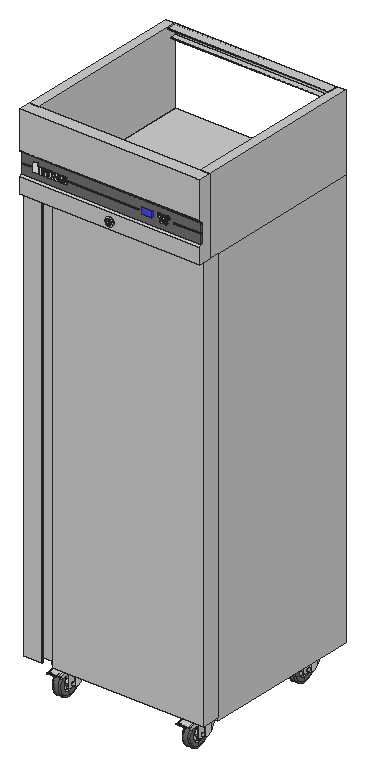
Revit family "QF_INOMAK_CBP172_SL_250513094155", category Specialty Equipment, Revit 2021
Family settings
  Round Connector Dimension = Use Diameter
  Part Type = Normal
  OmniClass Number = 23.40.40.14
  OmniClass Title = Food Service Equipment
  Work Plane-Based = No
  Always vertical = Yes
  Cut with Voids When Loaded = No
  Shared = No
  Room Calculation Point = No
Parameters (values of type "CBP172-SL")
  Weight [instance] = 126.00 kg
  Warranty Start Date [instance] = ""
  Warranty Duration [instance] = ""
  Volts [instance] = 230 V
  Volt Free Conn [instance] = no
  URL Recommended Spares List [instance] = ""
  URL Manufacturer [instance] = ""
  URL Cutsheet [instance] = ""
  URL Critical Spares List [instance] = ""
  URL = "www.inomak.com"
  Technical Documentation [instance] = ""
  Tag Number [instance] = ""
  Status [instance] = ""
  Start Up Current [instance] = 0 A
  Specification by User [instance] = ""
  Specification by Manufacturer [instance] = ""
  Sound Level [instance] = ""
  Show Logo [instance] = yes
  Show Clearances [instance] = yes
  Service Life Duration [instance] = ""
  Serial Number [instance] = ""
  Seismic Rating [instance] = ""
  SMACNA No [instance] = ""
  Revision Code [instance] = ""
  Revision [instance] = ""
  Production Year [instance] = ""
  Potential Equalisation [instance] = no
  Point Load [instance] = 0
  Phase [instance] = 1
  Other Equipment Approvals [instance] = ""
  Operational Current [instance] = 0 A
  Number of Poles [instance] = 2
  No Load Power Draw [instance] = no
  NAFEM Spec ID Number [instance] = ""
  Model Warning [instance] = ""
  Model = "CBP172/SL"
  Min Ckt Ampacity [instance] = 0 A
  Max Overcurrent Protection [instance] = 10 A
  Masterspec [instance] = ""
  Manufacturer = "INOMAK"
  Main switch integrated [instance] = no
  Length Actual [instance] = 720 mm
  Item Number [instance] = ""
  Installed By [instance] = ""
  Installation Date [instance] = ""
  Identify Quantity as Lot [instance] = no
  ID [instance] = ""
  Hygiene Approval [instance] = ""
  Height Actual [instance] = 2100 mm
  HP power [instance] = ""
  Furnished By [instance] = ""
  Foodservice Equipment Identifier [instance] = no
  FL Amps [instance] = 3.5 A
  Electrical Remarks [instance] = ""
  Electric power [instance] = 580 W
  Electric Connection Type [instance] = ""
  Elec Conn RI Height [instance] = 0 mm
  Elec Conn Connection Height [instance] = 0 mm
  ETL Approved [instance] = no
  Description = "CLOVER FREEZER CABINET WITH 1 DOOR, COMPACT DIMENSIONS"
  Depth Actual [instance] = 768 mm
  Default Elevation = 0 mm
  Cycle [instance] = 50 Hz
  Cost = 0
  Connection to energy optimisation system [instance] = yes
  Conn Plug [instance] = ""
  Conn Conduit [instance] = no
  Centralized building control system with digital interface [instance] = ""
  CSI MasterFormat [instance] = ""
  CE Approved [instance] = no
  Barcode [instance] = 0
  Author [instance] = ""
  Asset Identifier [instance] = ""
  Apparent Power [instance] = 580 VA
  Accessory [instance] = no
Reference planes
  plane 1 "Center (Front/Back)": y = 0
  plane 2: z = 0
  plane 3 "Center (Left/Right)": x = 0
Forms (mm)
  Extrusion 1, solid, not visible
    sketch origin (590.029, -2, 1930.094) x (1, 0, 0) y (0, 1, 0)
      loop
        line (-2, 2) -> (-2, -2) -> (2, -2) -> (2, 2) -> (-2, 2)
    from -2 to 2
Dimensions and locks
  locked: Extrusion 1 to nested 2
  locked: nested 2 to Extrusion 1 at 2
  aligned and locked: level to plane 2
Nested families
  nested 1: "QF_INOMAK_REF_CABINETS_172_2920" at (0, 0, 130), type "CBP172-SL"
    with Weight 126.00 kg, Warranty Start Date "", Warranty Duration "", URL Cutsheet "", Technical Documentation "", Tag Number "", Status "", Specification by User "", Specification by Manufacturer "", Sound Level "", Solid Fuel Type "", Show Clearances yes, Service Life Duration "", Serial Number "", Seismic Rating "", SMACNA No "", Revision Code "", Revision "", Production Year "", Point Load 0, Other Equipment Approvals "", NAFEM Spec ID Number "", Model Warning "", Masterspec "", Length Actual 720 mm, Item Number "", Installed By "", Installation Date "", Identify Quantity as Lot yes, ID "", Hygiene Approval "", Height Actual 2100 mm, Furnished By "", Foodservice Equipment Identifier yes, Finish none, ETL Approved yes, Depth Actual 768 mm, CSI MasterFormat "", CE Approved yes, Barcode "", Author "", Asset Identifier "", Accessory no
  nested 2: "CONN_POINT_ELE_2D___Generic_Annotation" at (590.029, 0, 1930.094), type "CONN_POINT_ELE_2D___Generic_Annotation"
    with Onboard connection annotation symbol visibility yes
  nested 3: "QF_INOMAK_C172-DR-RX_4567" at (0, -732, 130), type "C172-DR-RX"
    with Weight 0.00 kg, Warranty Start Date "", Warranty Duration "", URL Cutsheet "", Technical Documentation "", Tag Number "", Status "", Specification by User "", Specification by Manufacturer "", Sound Level "", Solid Fuel Type "", Show Logo yes, Show Clearances yes, Show Clearance yes, Service Life Duration "", Serial Number "", Seismic Rating "", SMACNA No "", Revision Code "", Revision "", Production Year "", Point Load 0, Other Equipment Approvals "", NAFEM Spec ID Number "", Model Warning "", Masterspec "", Length Actual 720 mm, Item Number "", Installed By "", Installation Date "", Identify Quantity as Lot yes, ID "", Hygiene Approval "", Height Actual 1982 mm, Furnished By "", Foodservice Equipment Identifier yes, Finish none, ETL Approved yes, Depth Actual 70 mm, CSI MasterFormat "", CE Approved yes, Barcode "", Author "", Asset Identifier "", Accessory yes
  nested 4: "QF_INOMAK_CASTORS_5439" at (0, 0, 0), type "CT-720-730"
    with Weight 0.00 kg, Warranty Start Date "", Warranty Duration "", URL Cutsheet "", Technical Documentation "", Tag Number "", Status "", Specification by User "", Specification by Manufacturer "", Sound Level "", Solid Fuel Type "", Show Logo yes, Show Clearances yes, Service Life Duration "", Serial Number "", Seismic Rating "", SMACNA No "", Revision Code "", Revision "", Production Year "", Point Load 0, Other Equipment Approvals "", NAFEM Spec ID Number "", Model Warning "", Masterspec "", Length Actual 720 mm, Item Number "", Installed By "", Installation Date "", Identify Quantity as Lot yes, ID "", Hygiene Approval "", Height Actual 130 mm, Furnished By "", Foodservice Equipment Identifier yes, ETL Approved yes, Depth Actual 730 mm, CSI MasterFormat "", CE Approved yes, Barcode "", Author "", Asset Identifier "", Accessory yes
Connectors
  electrical at (590.029, 0, 1930.094), driven by "Apparent Power", driven by "Number of Poles", driven by "Volts"
    settings: on Extrusion 1, index 1, voltage 230 V, apparent load 0 VA, apparent load phase1 580 VA, apparent load phase2 0 VA, apparent load phase3 0 VA, power factor 1, load classification "Other", number of poles 2, system type 31, power factor state 1, is connector primary yes, connector utility no, sub classification motor no, connector description "Electrical connection for CBP172/SL"
Definition of nested family "QF_INOMAK_REF_CABINETS_172_2920"
  Parameters (values of type "CAP172-GL")
    Weight [instance] = 0.00 kg
    Warranty Start Date [instance] = ""
    Warranty Duration [instance] = ""
    URL Cutsheet [instance] = ""
    URL = "www.inomak.com"
    Technical Documentation [instance] = ""
    Tag Number [instance] = ""
    Status [instance] = ""
    Specification by User [instance] = ""
    Specification by Manufacturer [instance] = ""
    Sound Level [instance] = ""
    Solid Fuel Type [instance] = ""
    Show Logo = yes
    Show Clearances [instance] = yes
    Service Life Duration [instance] = ""
    Serial Number [instance] = ""
    Seismic Rating [instance] = ""
    SMACNA No [instance] = ""
    Revision Code [instance] = ""
    Revision [instance] = ""
    Production Year [instance] = ""
    Point Load [instance] = 0
    Other Equipment Approvals [instance] = ""
    NAFEM Spec ID Number [instance] = ""
    Model Warning [instance] = ""
    Model = "CAP172/GL"
    Masterspec [instance] = ""
    Manufacturer = "INOMAK"
    Length Actual [instance] = 0 mm
    Length = 720 mm
    Item Number [instance] = ""
    Installed By [instance] = ""
    Installation Date [instance] = ""
    Identify Quantity as Lot [instance] = yes
    ID [instance] = ""
    Hygiene Approval [instance] = ""
    Height Actual [instance] = 0 mm
    Height = 1985 mm
    Furnished By [instance] = ""
    Foodservice Equipment Identifier [instance] = yes
    Finish [instance] = none
    ETL Approved [instance] = yes
    Description = "PRUNUS CHILLER CABINET WITH 1 GN 2/1 GLASS DOOR"
    Depth Actual [instance] = 0 mm
    Depth = 824 mm
    Default Elevation = 0 mm
    CSI MasterFormat [instance] = ""
    CE Approved [instance] = yes
    Barcode [instance] = ""
    Author [instance] = ""
    Asset Identifier [instance] = ""
    Assembly Code = "E1090320"
    Accessory [instance] = yes
  Types (8, lengths in mm): name | Model | Description | Depth
    CAP172 | "CAP172" | "CYPRESS CHILLER CABINET WITH 1 GN 2/1 DOOR" | 832
    CAP172-GL | "CAP172/GL" | "PRUNUS CHILLER CABINET WITH 1 GN 2/1 GLASS DOOR" | 824
    CBP172-GL | "CBP172/GL" | "PRUNUS FREEZER CABINET WITH 1 GN 2/1 GLASS DOOR" | 824
    CBP172 | "CBP172" | "CASTANEA FREEZER CABINET WITH 1 GN 2/1 DOOR" | 832
    CAP172-SL | "CAP172/SL" | "CLOVER CHILLER CABINET WITH 1 DOOR, COMPACT DIMENSIONS" | 732
    CBP172-SL | "CBP172/SL" | "CLOVER FREEZER CABINET WITH 1 DOOR, COMPACT DIMENSIONS" | 732
    CAP172-SL-GL | "CAP172/SL/GL" | "PRUNUS CHILLER CABINET WITH 1 GLASS DOOR, COMPACT DIMENSIONS" | 724
    CBP172-SL-GL | "CBP172/SL/GL" | "PRUNUS FREEZER CABINET WITH 1 GLASS DOOR, COMPACT DIMENSIONS" | 724
  Reference planes
    plane 1 "Back": y = 0
    plane 2: z = 0
    plane 3 "Left": x = 0
    plane 4 "Right": x = 720
    plane 5 "Front": y = -824
    plane 6 "Top": z = 1985
  Forms (mm)
    Extrusion 1, solid
      sketch origin (-1732.685, -824, 3995) x (-1, 0, 0) y (0, 0, 1)
        loop
          circle (-2284.815, -2199.02) r 6.965
        loop
          circle (-2301.846, -2199.02) r 6.965
        loop
          circle (-2318.855, -2199.02) r 6.965
        loop
          circle (-2293.341, -2217.021) r 6.965
        loop
          circle (-2310.35, -2217.021) r 6.965
        loop
          circle (-2284.815, -2199.02) r 3.965
        loop
          circle (-2301.846, -2199.02) r 3.965
        loop
          circle (-2318.855, -2199.02) r 3.965
        loop
          circle (-2293.341, -2217.021) r 3.965
        loop
          circle (-2310.35, -2217.021) r 3.965
      from 7.3 to 10.302
    Extrusion 2, solid
      sketch origin (-1732.685, -824, 3995) x (-1, 0, 0) y (0, 0, 1)
        loop
          line (-2257.026, -2195.289) -> (-2257.026, -2218.289) -> (-2217.026, -2218.289) -> (-2217.026, -2195.289) -> (-2257.026, -2195.289)
      from 7.3 to 10.302
    Extrusion 3, solid
      sketch origin (-1732.685, -824, 3995) x (-1, 0, 0) y (0, 0, 1)
        loop
          line (-1732.685, -2167.27) -> (-2452.685, -2167.27) -> (-2452.685, -2246.309) -> (-1732.685, -2246.309) -> (-1732.685, -2167.27)
      from 7.8 to 10.302
    Extrusion 4, solid, visible <- "Show Logo"
      sketch origin (-1732.685, -824, 3995) x (-1, 0, 0) y (0, 0, 1)
        loop
          line (-1776.745, -2194.74) -> (-1782.745, -2194.74) -> (-1782.745, -2183.633) -> (-1796.982, -2183.633) -> (-1796.982, -2194.74) -> (-1802.982, -2194.74) -> (-1802.982, -2220.99) -> (-1776.745, -2220.99) -> (-1776.745, -2194.74)
        loop
          line (-1807.298, -2195.052) -> (-1814.587, -2195.052) -> (-1814.587, -2220.99) -> (-1807.298, -2220.99) -> (-1807.298, -2195.052)
        loop
          line (-1817.107, -2220.99) -> (-1817.107, -2195.052) -> (-1823.94, -2195.052) -> (-1827.134, -2206.971) -> (-1827.134, -2195.052) -> (-1833.666, -2195.052) -> (-1833.666, -2220.99) -> (-1827.134, -2220.99) -> (-1823.42, -2207.127) -> (-1823.42, -2220.99) -> (-1817.107, -2220.99)
        loop
          line (-1854.348, -2220.99) -> (-1854.348, -2195.052) -> (-1863.311, -2195.052) -> (-1865.673, -2209.062) -> (-1868.035, -2195.052) -> (-1876.997, -2195.052) -> (-1876.997, -2220.99) -> (-1870.372, -2220.99) -> (-1870.372, -2207.127) -> (-1868.035, -2220.99) -> (-1863.311, -2220.99) -> (-1860.973, -2207.127) -> (-1860.973, -2220.99) -> (-1854.348, -2220.99)
        loop
          line (-1839.536, -2195.052) -> (-1848.861, -2195.052)
          arc (-1848.861, -2195.052) -> (-1851.458, -2196.128) -> (-1852.533, -2198.724) r 3.672
          line (-1852.533, -2198.724) -> (-1852.533, -2217.318)
          arc (-1852.533, -2217.318) -> (-1851.458, -2219.914) -> (-1848.861, -2220.99) r 3.672
          line (-1848.861, -2220.99) -> (-1839.536, -2220.99)
          arc (-1839.536, -2220.99) -> (-1836.939, -2219.914) -> (-1835.864, -2217.318) r 3.672
          line (-1835.864, -2217.318) -> (-1835.864, -2198.724)
          arc (-1835.864, -2198.724) -> (-1836.939, -2196.128) -> (-1839.536, -2195.052) r 3.672
        loop
          arc (-1843.172, -2198.208) -> (-1844.198, -2197.181) -> (-1845.225, -2198.208) r 1.027
          line (-1845.225, -2198.208) -> (-1845.225, -2216.801)
          arc (-1845.225, -2216.801) -> (-1844.198, -2217.828) -> (-1843.172, -2216.801) r 1.027
          line (-1843.172, -2216.801) -> (-1843.172, -2198.208)
        loop
          line (-1878.066, -2220.99) -> (-1882.439, -2195.052) -> (-1891.3, -2195.052) -> (-1895.673, -2220.99) -> (-1889.146, -2220.99) -> (-1888.536, -2216.027) -> (-1885.203, -2216.027) -> (-1884.593, -2220.99) -> (-1878.066, -2220.99)
        loop
          line (-1885.759, -2211.498) -> (-1886.87, -2202.452) -> (-1887.98, -2211.498) -> (-1885.759, -2211.498)
        loop
          line (-1896.638, -2220.99) -> (-1896.638, -2195.052) -> (-1903.263, -2195.052) -> (-1903.263, -2204.165) -> (-1906.049, -2195.052) -> (-1913.487, -2195.052) -> (-1909.159, -2206.329) -> (-1914.207, -2220.99) -> (-1906.623, -2220.99) -> (-1903.263, -2208.45) -> (-1903.263, -2220.99) -> (-1896.638, -2220.99)
      from 7.3 to 10.3
    Extrusion 5, solid
      sketch origin (-1732.685, -824, 3995) x (-1, 0, 0) y (0, 0, 1)
        loop
          line (-1732.685, -2204.789) -> (-1769.679, -2204.789) -> (-1769.679, -2208.789) -> (-1732.685, -2208.789) -> (-1732.685, -2204.789)
        loop
          line (-1918.161, -2204.789) -> (-2202.526, -2204.789) -> (-2202.526, -2208.789) -> (-1918.161, -2208.789) -> (-1918.161, -2204.789)
        loop
          line (-2452.685, -2204.789) -> (-2452.685, -2208.789) -> (-2344.916, -2208.789) -> (-2344.916, -2204.789) -> (-2452.685, -2204.789)
      from 7.3 to 10.302
    Extrusion 6, solid, material <- "Finish"
      sketch origin (0, 24.612, -1982) x (0, 1, 0) y (0, 0, 1)
        loop
          line (-848.612, 3967) -> (-848.612, 3818.032) -> (-840.31, 3809.73) -> (-840.31, 3730.691) -> (-848.612, 3722.389) -> (-848.612, 3662) -> (-798.612, 3662) -> (-798.612, 3967) -> (-848.612, 3967)
      from 0 to 720
    Extrusion 7, solid, material <- "Finish"
      sketch origin (0, 0, 1985) x (0, 1, 0) y (-1, 0, 0)
        loop
          line (-774, 0) -> (-774, -35) -> (0, -35) -> (0, 0) -> (-774, 0)
      from 0 to -305
    Extrusion 8, solid, material <- "Finish"
      sketch origin (0, 0, 1985) x (0, 1, 0) y (-1, 0, 0)
        loop
          line (-774, -720) -> (0, -720) -> (0, -685) -> (-774, -685) -> (-774, -720)
      from 0 to -305
    Extrusion 9, solid, material <- "Finish"
      sketch origin (0, 24.612, -1987) x (0, 1, 0) y (0, 0, 1)
        loop
          line (-798.612, 3863.915) -> (-798.612, 3667) -> (-678.934, 3667) -> (-678.934, 3744.237) -> (-798.612, 3863.915)
      from 35 to 685
    Extrusion 10, solid, material <- "Finish"
      sketch origin (0, 24.612, -123) x (0, 1, 0) y (0, 0, 1)
        loop
          line (-675.378, 1910.946) -> (-690.935, 1926.502) -> (-709.143, 1908.294) -> (-707.729, 1906.88) -> (-690.935, 1923.674) -> (-676.793, 1909.532) -> (-675.378, 1910.946)
      from 114.953 to 225
    Extrusion 11, solid, material <- "Finish"
      sketch origin (394.212, 24.612, -123) x (0, 1, 0) y (0, 0, 1)
        loop
          line (-675.378, 1910.946) -> (-690.935, 1926.502) -> (-709.143, 1908.294) -> (-707.729, 1906.88) -> (-690.935, 1923.674) -> (-676.793, 1909.532) -> (-675.378, 1910.946)
      from 114.953 to 225
    Extrusion 12, solid, material <- "Finish"
      sketch origin (0, 30.903, -1982) x (0, 1, 0) y (0, 0, 1)
        loop
          line (-30.903, 3967) -> (-70.903, 3967) -> (-70.903, 3965) -> (-32.903, 3965) -> (-32.903, 3929) -> (-55.903, 3929) -> (-55.903, 3927) -> (-30.903, 3927) -> (-30.903, 3967)
      from 35 to 685
    Extrusion 13, solid, material <- "Finish"
      sketch origin (0, 30.903, -118) x (0, 1, 0) y (0, 0, 1)
        loop
          line (-30.903, 1798) -> (-764.903, 1798) -> (-764.903, 1733) -> (-100.876, 1733) -> (-100.876, 191) -> (-764.903, 191) -> (-764.903, 118) -> (-30.903, 118) -> (-30.903, 1798)
      from 35 to 685
    Extrusion 14, solid, material <- "Finish"
      sketch origin (0, 0, 0) x (1, 0, 0) y (0, 1, 0)
        loop
          line (0, -734) -> (35, -734) -> (35, 0) -> (0, 0) -> (0, -734)
      from 0 to 1680
    Extrusion 15, solid, material <- "Finish"
      sketch origin (0, 0, 0) x (1, 0, 0) y (0, 1, 0)
        loop
          line (720, -734) -> (720, 0) -> (685, 0) -> (685, -734) -> (720, -734)
      from 0 to 1680
    Revolve 16, solid
      sketch origin (358.942, 24.612, -1987) x (0, 1, 0) y (0, 0, 1)
        loop
          line (-851.012, 3694.152) -> (-848.612, 3694.152) -> (-848.612, 3711.145) -> (-849.612, 3711.145) -> (-853.012, 3706.633) -> (-853.012, 3702.998) -> (-851.012, 3702.998) -> (-851.012, 3694.152)
        axis (-848.612, 3694.152) -> (-853.012, 3694.152)
      angle from 0 to 360
    Extrusion 17, solid
      sketch origin (-1732.685, -824, 3995) x (-1, 0, 0) y (0, 0, 1)
        loop
          line (-2090.827, -2284.348) -> (-2092.827, -2284.348) -> (-2092.827, -2291.348) -> (-2090.827, -2291.348) -> (-2090.827, -2284.348)
        loop
          circle (-2091.627, -2287.848) r 7.846
      from -4.4 to -2.4
    Extrusion 18, solid, material <- "Finish"
      sketch origin (0, 30.903, -118) x (1, 0, 0) y (0, 1, 0)
        loop
          line (187, 5.097) -> (187, -29.903) -> (175, -29.903) -> (175, -30.903) -> (545, -30.903) -> (545, -29.903) -> (533, -29.903) -> (533, 5.097) -> (187, 5.097)
      from 1156 to 1531
    Extrusion 19, solid, material <- "Finish"
      sketch origin (100, 30.903, -118) x (1, 0, 0) y (0, 1, 0)
        loop
          line (339, 0.097) -> (339, -29.903) -> (325, -29.903) -> (325, -30.903) -> (340, -30.903) -> (340, -0.903) -> (393, -0.903) -> (393, -30.903) -> (408, -30.903) -> (408, -29.903) -> (394, -29.903) -> (394, 0.097) -> (339, 0.097)
      from 1531 to 1793
  Lines and regions (mm)
    symbolic lines
      curve 1: line (0, 0, 0) -> (720, 0, 0)
      curve 2: line (0, -824, 0) -> (0, 0, 0)
      curve 3: line (720, -824, 0) -> (0, -824, 0)
      curve 4: line (720, 0, 0) -> (720, -824, 0)
      curve 5: line (187, 1, 0) -> (187, 36, 0)
      curve 6: line (187, 36, 0) -> (533, 36, 0)
      curve 7: line (533, 36, 0) -> (533, 1, 0)
      curve 8: line (35, 0, 0) -> (35, -774, 0)
      curve 9: line (35, -774, 0) -> (685, -774, 0)
      curve 10: line (685, -774, 0) -> (685, 0, 0)
      curve 11: line (35, -40, 0) -> (685, -40, 0)
      curve 12: line (35, -654.322, 0) -> (685, -654.322, 0)
      curve 13: line (187, 1, 0) -> (175, 1, 0)
      curve 14: line (175, 1, 0) -> (175, 0, 0)
      curve 15: line (533, 1, 0) -> (545, 1, 0)
      curve 16: line (545, 1, 0) -> (545, 0, 0)
      curve 17: line (425, 0, 0) -> (425, 1, 0)
      curve 18: line (425, 1, 0) -> (439, 1, 0)
      curve 19: line (439, 1, 0) -> (439, 31, 0)
      curve 20: line (439, 31, 0) -> (494, 31, 0)
      curve 21: line (494, 31, 0) -> (494, 1, 0)
      curve 22: line (494, 1, 0) -> (508, 1, 0)
      curve 23: line (508, 1, 0) -> (508, 0, 0)
  Dimensions and locks
    plane 3 "Left" to plane 4 "Right" = 720 mm
    "Depth": plane 5 "Front" to plane 1 "Back"
    "Height": plane 6 "Top" to level
    plane 6 "Top" to level = 1985 mm
    aligned and locked: level to plane 2
  Automatic sketch dimensions
    Extrusion 1 sketch curve to Extrusion 1 sketch curve = 0 mm  (x13)
    plane 4 "Right" to Extrusion 1 sketch curve = 133.83 mm
    Extrusion 1 sketch curve to Extrusion 1 sketch curve = 8.505 mm
    Extrusion 1 sketch curve to Extrusion 1 sketch curve = 17.009 mm  (x2)
    Extrusion 1 sketch curve to Extrusion 1 sketch curve = 17.03 mm
    Extrusion 1 sketch curve to plane 6 "Top" = 207.021 mm
    Extrusion 1 sketch curve to Extrusion 1 sketch curve = 18.001 mm
    plane 4 "Right" to Extrusion 2 sketch curve = 195.659 mm
    Extrusion 2 sketch curve to Extrusion 2 sketch curve = 40 mm
    Extrusion 2 sketch curve to plane 6 "Top" = 208.289 mm
    Extrusion 2 sketch curve to Extrusion 2 sketch curve = 23 mm
    plane 4 "Right" to Extrusion 3 sketch curve = 0 mm
    Extrusion 3 sketch curve to plane 3 "Left" = 0 mm
    Extrusion 3 sketch curve to plane 6 "Top" = 236.309 mm
    Extrusion 3 sketch curve to Extrusion 3 sketch curve = 79.039 mm
    plane 3 "Left" to Extrusion 4 sketch curve = 181.522 mm
    Extrusion 4 sketch curve to Extrusion 4 sketch curve = 0.72 mm
    Extrusion 4 sketch curve to Extrusion 4 sketch curve = 4.329 mm
    Extrusion 4 sketch curve to Extrusion 4 sketch curve = 7.584 mm
    Extrusion 4 sketch curve to Extrusion 4 sketch curve = 7.438 mm
    Extrusion 4 sketch curve to Extrusion 4 sketch curve = 5.895 mm
    Extrusion 4 sketch curve to Extrusion 4 sketch curve = 0 mm  (x16)
    Extrusion 4 sketch curve to Extrusion 4 sketch curve = 6.625 mm  (x2)
    Extrusion 4 sketch curve to Extrusion 4 sketch curve = 0.965 mm
    Extrusion 4 sketch curve to Extrusion 4 sketch curve = 5.338 mm
    Extrusion 4 sketch curve to Extrusion 4 sketch curve = 6.527 mm  (x2)
    Extrusion 4 sketch curve to Extrusion 4 sketch curve = 0.609 mm
    Extrusion 4 sketch curve to Extrusion 4 sketch curve = 0.556 mm
    Extrusion 4 sketch curve to Extrusion 4 sketch curve = 4.43 mm  (x2)
    Extrusion 4 sketch curve to Extrusion 4 sketch curve = 2.222 mm
    Extrusion 4 sketch curve to Extrusion 4 sketch curve = 3.334 mm
    Extrusion 4 sketch curve to Extrusion 4 sketch curve = 4.552 mm
    Extrusion 4 sketch curve to Extrusion 4 sketch curve = 1.069 mm
    Extrusion 4 sketch curve to Extrusion 4 sketch curve = 8.962 mm  (x2)
    Extrusion 4 sketch curve to Extrusion 4 sketch curve = 2.337 mm
    Extrusion 4 sketch curve to Extrusion 4 sketch curve = 4.699 mm  (x2)
    Extrusion 4 sketch curve to Extrusion 4 sketch curve = 4.724 mm  (x2)
    Extrusion 4 sketch curve to Extrusion 4 sketch curve = 1.815 mm
    Extrusion 4 sketch curve to Extrusion 4 sketch curve = 3.672 mm  (x6)
    Extrusion 4 sketch curve to Extrusion 4 sketch curve = 3.636 mm  (x3)
    Extrusion 4 sketch curve to Extrusion 4 sketch curve = 1.027 mm
    Extrusion 4 sketch curve to Extrusion 4 sketch curve = 2.197 mm
    Extrusion 4 sketch curve to Extrusion 4 sketch curve = 6.532 mm  (x2)
    Extrusion 4 sketch curve to Extrusion 4 sketch curve = 3.194 mm
    Extrusion 4 sketch curve to Extrusion 4 sketch curve = 3.714 mm
    Extrusion 4 sketch curve to Extrusion 4 sketch curve = 6.312 mm
    Extrusion 4 sketch curve to Extrusion 4 sketch curve = 2.52 mm
    Extrusion 4 sketch curve to Extrusion 4 sketch curve = 7.29 mm
    Extrusion 4 sketch curve to Extrusion 4 sketch curve = 4.315 mm
    Extrusion 4 sketch curve to Extrusion 4 sketch curve = 6 mm
    Extrusion 4 sketch curve to Extrusion 4 sketch curve = 14.237 mm
    Extrusion 4 sketch curve to Extrusion 4 sketch curve = 26.237 mm
    Extrusion 4 sketch curve to plane 6 "Top" = 210.99 mm
    Extrusion 4 sketch curve to Extrusion 4 sketch curve = 0.516 mm  (x2)
    Extrusion 4 sketch curve to Extrusion 4 sketch curve = 4.963 mm
    Extrusion 4 sketch curve to Extrusion 4 sketch curve = 4.529 mm
    Extrusion 4 sketch curve to Extrusion 4 sketch curve = 11.927 mm
    Extrusion 4 sketch curve to Extrusion 4 sketch curve = 12.539 mm
    Extrusion 4 sketch curve to Extrusion 4 sketch curve = 1.935 mm  (x2)
    Extrusion 4 sketch curve to Extrusion 4 sketch curve = 13.862 mm
    Extrusion 4 sketch curve to Extrusion 4 sketch curve = 0.157 mm
    Extrusion 4 sketch curve to Extrusion 4 sketch curve = 2.122 mm
    Extrusion 4 sketch curve to Extrusion 4 sketch curve = 4.285 mm
    Extrusion 4 sketch curve to Extrusion 4 sketch curve = 9.047 mm
    Extrusion 4 sketch curve to Extrusion 4 sketch curve = 8.403 mm
    Extrusion 4 sketch curve to Extrusion 4 sketch curve = 12.075 mm
    Extrusion 4 sketch curve to Extrusion 4 sketch curve = 26.25 mm
    Extrusion 4 sketch curve to Extrusion 4 sketch curve = 0.312 mm
    Extrusion 4 sketch curve to Extrusion 4 sketch curve = 11.107 mm
    plane 4 "Right" to Extrusion 5 sketch curve = 0 mm
    Extrusion 5 sketch curve to plane 3 "Left" = 0 mm
    plane 4 "Right" to Extrusion 5 sketch curve = 107.768 mm
    Extrusion 5 sketch curve to Extrusion 5 sketch curve = 142.39 mm
    plane 3 "Left" to Extrusion 5 sketch curve = 185.476 mm
    plane 3 "Left" to Extrusion 5 sketch curve = 36.995 mm
    Extrusion 5 sketch curve to plane 6 "Top" = 198.789 mm
    Extrusion 5 sketch curve to Extrusion 5 sketch curve = 0 mm  (x2)
    Extrusion 5 sketch curve to Extrusion 5 sketch curve = 4 mm  (x3)
    Extrusion 6 sketch curve to plane 5 "Front" = 0 mm  (x2)
    Extrusion 6 sketch curve to plane 6 "Top" = 0 mm
    plane 5 "Front" to Extrusion 6 sketch curve = 8.302 mm
    Extrusion 6 sketch curve to Extrusion 6 sketch curve = 50 mm
    Extrusion 6 sketch curve to plane 6 "Top" = 148.968 mm
    Extrusion 6 sketch curve to Extrusion 6 sketch curve = 8.302 mm  (x2)
    Extrusion 6 sketch curve to Extrusion 6 sketch curve = 79.039 mm
    Extrusion 6 sketch curve to Extrusion 6 sketch curve = 60.389 mm
    Extrusion 7 sketch curve to plane 3 "Left" = 0 mm
    plane 1 "Back" to Extrusion 7 sketch curve = 0 mm
    plane 5 "Front" to Extrusion 7 sketch curve = 50 mm
    plane 3 "Left" to Extrusion 7 sketch curve = 35 mm
    Extrusion 8 sketch curve to plane 4 "Right" = 0 mm
    plane 1 "Back" to Extrusion 8 sketch curve = 0 mm
    plane 5 "Front" to Extrusion 8 sketch curve = 50 mm
    plane 4 "Right" to Extrusion 8 sketch curve = 35 mm
    plane 5 "Front" to Extrusion 9 sketch curve = 50 mm
    Extrusion 9 sketch curve to Extrusion 9 sketch curve = 119.678 mm
    Extrusion 9 sketch curve to plane 6 "Top" = 305 mm
    Extrusion 9 sketch curve to Extrusion 9 sketch curve = 77.237 mm
    Extrusion 9 sketch curve to plane 6 "Top" = 108.085 mm
    plane 5 "Front" to Extrusion 10 sketch curve = 139.47 mm
    Extrusion 10 sketch curve to Extrusion 10 sketch curve = 1.414 mm  (x2)
    Extrusion 10 sketch curve to Extrusion 10 sketch curve = 16.794 mm
    Extrusion 10 sketch curve to Extrusion 10 sketch curve = 0 mm
    Extrusion 10 sketch curve to Extrusion 10 sketch curve = 14.142 mm
    Extrusion 10 sketch curve to plane 6 "Top" = 201.12 mm
    plane 5 "Front" to Extrusion 11 sketch curve = 139.47 mm
    Extrusion 11 sketch curve to Extrusion 11 sketch curve = 1.414 mm  (x2)
    Extrusion 11 sketch curve to Extrusion 11 sketch curve = 16.794 mm
    Extrusion 11 sketch curve to Extrusion 11 sketch curve = 0 mm
    Extrusion 11 sketch curve to Extrusion 11 sketch curve = 14.142 mm
    Extrusion 11 sketch curve to plane 6 "Top" = 201.12 mm
    Extrusion 12 sketch curve to plane 6 "Top" = 0 mm
    Extrusion 12 sketch curve to plane 1 "Back" = 0 mm
    plane 1 "Back" to Extrusion 12 sketch curve = 2 mm
    Extrusion 12 sketch curve to Extrusion 12 sketch curve = 23 mm
    Extrusion 12 sketch curve to Extrusion 12 sketch curve = 38 mm
    Extrusion 12 sketch curve to plane 6 "Top" = 2 mm
    Extrusion 12 sketch curve to Extrusion 12 sketch curve = 36 mm
    Extrusion 12 sketch curve to Extrusion 12 sketch curve = 2 mm
    Extrusion 13 sketch curve to level = 0 mm
    Extrusion 13 sketch curve to plane 1 "Back" = 0 mm
    plane 1 "Back" to Extrusion 13 sketch curve = 69.973 mm
    plane 5 "Front" to Extrusion 13 sketch curve = 90 mm  (x2)
    level to Extrusion 13 sketch curve = 73 mm
    Extrusion 13 sketch curve to plane 6 "Top" = 370 mm
    Extrusion 13 sketch curve to Extrusion 13 sketch curve = 65 mm
    plane 1 "Back" to Extrusion 14 sketch curve = 0 mm
    Extrusion 14 sketch curve to plane 3 "Left" = 0 mm
    plane 3 "Left" to Extrusion 14 sketch curve = 35 mm
    plane 5 "Front" to Extrusion 14 sketch curve = 90 mm
    plane 1 "Back" to Extrusion 15 sketch curve = 0 mm
    Extrusion 15 sketch curve to plane 4 "Right" = 0 mm
    Extrusion 15 sketch curve to Extrusion 15 sketch curve = 35 mm
    plane 5 "Front" to Extrusion 15 sketch curve = 90 mm
    Revolve 16 sketch curve to plane 5 "Front" = 0 mm
    Revolve 16 sketch curve to plane 5 "Front" = 1 mm
    Revolve 16 sketch curve to plane 5 "Front" = 2.4 mm
    Revolve 16 sketch curve to Revolve 16 sketch curve = 2 mm
    Revolve 16 sketch curve to plane 6 "Top" = 277.848 mm
    Revolve 16 sketch curve to Revolve 16 sketch curve = 8.846 mm
    Revolve 16 sketch curve to Revolve 16 sketch curve = 3.635 mm
    Revolve 16 sketch curve to Revolve 16 sketch curve = 4.512 mm
    Revolve 16 sketch curve to Revolve 16 sketch curve = 0 mm  (x2)
    Revolve 16 sketch curve to Revolve 16 sketch curve = 4.096 mm
    plane 4 "Right" to Extrusion 17 sketch curve = 359.858 mm
    Extrusion 17 sketch curve to Extrusion 17 sketch curve = 1.2 mm
    Extrusion 17 sketch curve to Extrusion 17 sketch curve = 2 mm
    Extrusion 17 sketch curve to plane 6 "Top" = 281.348 mm
    Extrusion 17 sketch curve to Extrusion 17 sketch curve = 3.5 mm  (x2)
    plane 1 "Back" to Extrusion 18 sketch curve = 0 mm
    Extrusion 18 sketch curve to plane 1 "Back" = 1 mm  (x2)
    plane 3 "Left" to Extrusion 18 sketch curve = 175 mm
    Extrusion 18 sketch curve to Extrusion 18 sketch curve = 12 mm  (x2)
    Extrusion 18 sketch curve to plane 1 "Back" = 36 mm
    plane 4 "Right" to Extrusion 18 sketch curve = 187 mm
    plane 1 "Back" to Extrusion 19 sketch curve = 0 mm  (x2)
    Extrusion 19 sketch curve to plane 1 "Back" = 1 mm  (x2)
    plane 3 "Left" to Extrusion 19 sketch curve = 425 mm
    Extrusion 19 sketch curve to Extrusion 19 sketch curve = 14 mm  (x2)
    Extrusion 19 sketch curve to plane 1 "Back" = 31 mm
    plane 4 "Right" to Extrusion 19 sketch curve = 226 mm
    Extrusion 19 sketch curve to Extrusion 19 sketch curve = 1 mm  (x3)
    curve 3 to plane 3 "Left" = 0 mm
    plane 1 "Back" to curve 8 = 0 mm
    curve 3 to plane 4 "Right" = 0 mm
    curve 4 to plane 5 "Front" = 0 mm
    plane 3 "Left" to curve 9 = 35 mm
    curve 14 to plane 1 "Back" = 1 mm
    curve 8 to curve 14 = 140 mm
    curve 13 to curve 13 = 12 mm
    curve 17 to plane 1 "Back" = 1 mm
    curve 5 to curve 17 = 238 mm
    curve 17 to curve 19 = 14 mm
    curve 19 to curve 21 = 55 mm
    curve 20 to curve 7 = 39 mm
    curve 15 to plane 1 "Back" = 1 mm
    curve 7 to curve 15 = 12 mm
    plane 4 "Right" to curve 9 = 35 mm
    plane 5 "Front" to curve 9 = 50 mm
    curve 22 to plane 1 "Back" = 1 mm
    curve 18 to curve 20 = 30 mm
    curve 7 to curve 6 = 35 mm
    curve 21 to curve 22 = 14 mm
    curve 9 to curve 12 = 119.678 mm
    plane 1 "Back" to curve 11 = 40 mm
    radius of Extrusion 1 sketch curve = 6.965 mm  (x5)
    radius of Extrusion 1 sketch curve = 3.965 mm  (x5)
    radius of Extrusion 17 sketch curve = 7.846 mm
Definition of nested family "QF_INOMAK_C172-DR-RX_4567"
  Parameters (values of type "C172-DR-RX")
    Weight [instance] = 0.00 kg
    Warranty Start Date [instance] = ""
    Warranty Duration [instance] = ""
    URL Cutsheet [instance] = ""
    URL = "www.inomak.com"
    Technical Documentation [instance] = ""
    Tag Number [instance] = ""
    Status [instance] = ""
    Specification by User [instance] = ""
    Specification by Manufacturer [instance] = ""
    Sound Level [instance] = ""
    Solid Fuel Type [instance] = ""
    Show Logo [instance] = yes
    Show Clearances [instance] = yes
    Show Clearance [instance] = yes
    Service Life Duration [instance] = ""
    Serial Number [instance] = ""
    Seismic Rating [instance] = ""
    SMACNA No [instance] = ""
    Revision Code [instance] = ""
    Revision [instance] = ""
    Production Year [instance] = ""
    Point Load [instance] = 0
    Other Equipment Approvals [instance] = ""
    NAFEM Spec ID Number [instance] = ""
    Model Warning [instance] = ""
    Model = "C172-DR-RX"
    Masterspec [instance] = ""
    Manufacturer = "INOMAK"
    Length Actual [instance] = 0 mm
    Item Number [instance] = ""
    Installed By [instance] = ""
    Installation Date [instance] = ""
    Identify Quantity as Lot [instance] = yes
    ID [instance] = ""
    Hygiene Approval [instance] = ""
    Height Actual [instance] = 0 mm
    Furnished By [instance] = ""
    Foodservice Equipment Identifier [instance] = yes
    Finish [instance] = none
    ETL Approved [instance] = yes
    Description = "RIGHT HINGED DOOR"
    Depth Actual [instance] = 0 mm
    Default Elevation = 0 mm
    CSI MasterFormat [instance] = ""
    CE Approved [instance] = yes
    Barcode [instance] = ""
    Author [instance] = ""
    Asset Identifier [instance] = ""
    Assembly Code = "E1090320"
    Accessory [instance] = yes
  Reference planes
    plane 1 "Back": y = 0
    plane 2: z = 0
    plane 3 "Left": x = 0
    plane 4 "Right": x = 720
    plane 5 "Front": y = 90
    plane 6 "Top": z = 1682
  Forms (mm)
    Extrusion 1, solid, visible <- "Show Clearance", detail levels coarse
      sketch origin (-154.804, 650, -18) x (1, 0, 0) y (0, 1, 0)
        loop
          line (874.804, -1300) -> (874.804, -630) -> (154.804, -630)
          arc (154.804, -630) -> (341.042, -1099.619) -> (804.804, -1300) r 660.076
          line (804.804, -1300) -> (874.804, -1300)
      from 28 to 1695
    Extrusion 2, solid, material <- "Finish"
      sketch origin (692, 81.553, 1286.729) x (0, 1, 0) y (-1, 0, 0)
        loop
          line (-61.553, -28) -> (8.447, -28) -> (8.447, 692) -> (-61.553, 692) -> (-61.553, 622.228)
          arc (-61.553, 622.228) -> (-60.614, 620.603) -> (-58.737, 620.603) r 1.877
          line (-58.737, 620.603) -> (-49.238, 626.088) -> (-45.56, 652.255) -> (-31.678, 650.304) -> (-31.678, 605.437) -> (-61.553, 575.562) -> (-61.553, -28)
      from -1276.729 to 390.271
  Lines and regions (mm)
    symbolic lines, visible <- "Show Clearance"
      curve 1: line (650, -650, 0) -> (720, -650, 0)
      curve 2: line (720, -650, 0) -> (720, 0, 0)
      curve 3: arc (0, 0, 0) -> (193.256, -456.744, 0) -> (650, -650, 0) r 660.076
  Dimensions and locks
    plane 3 "Left" to plane 4 "Right" = 720 mm
    plane 1 "Back" to plane 5 "Front" = 90 mm
    plane 6 "Top" to plane 2 = 1682 mm
    aligned and locked: level to plane 2
Definition of nested family "QF_INOMAK_CASTORS_5439"
  Parameters (values of type "CT-1105-600")
    Weight [instance] = 0.00 kg
    Warranty Start Date [instance] = ""
    Warranty Duration [instance] = ""
    URL Cutsheet [instance] = ""
    URL = "www.inomak.com"
    Technical Documentation [instance] = ""
    Tag Number [instance] = ""
    Status [instance] = ""
    Specification by User [instance] = ""
    Specification by Manufacturer [instance] = ""
    Sound Level [instance] = ""
    Solid Fuel Type [instance] = ""
    Show Logo [instance] = yes
    Show Clearances [instance] = yes
    Service Life Duration [instance] = ""
    Serial Number [instance] = ""
    Seismic Rating [instance] = ""
    SMACNA No [instance] = ""
    Right offset = 300 mm
    Revision Code [instance] = ""
    Revision [instance] = ""
    Rear offset = 60 mm
    Production Year [instance] = ""
    Point Load [instance] = 0
    Other Equipment Approvals [instance] = ""
    NAFEM Spec ID Number [instance] = ""
    Model Warning [instance] = ""
    Model = "CT"
    Masterspec [instance] = ""
    Manufacturer = "INOMAK"
    Length Actual [instance] = 0 mm
    Length = 1103 mm
    Left offset = 60 mm
    Item Number [instance] = ""
    Installed By [instance] = ""
    Installation Date [instance] = ""
    Identify Quantity as Lot [instance] = yes
    ID [instance] = ""
    Hygiene Approval [instance] = ""
    Height Actual [instance] = 0 mm
    Height = 130 mm
    Furnished By [instance] = ""
    Front offset = 150 mm
    Foodservice Equipment Identifier [instance] = yes
    ETL Approved [instance] = yes
    Description = "WHEELS"
    Depth Actual [instance] = 0 mm
    Depth = 600 mm
    Default Elevation = 0 mm
    CentralLegs = if(Length > 1900 mm, 2 > 1, 2 < 1)  # no
    CSI MasterFormat [instance] = ""
    CE Approved [instance] = yes
    Barcode [instance] = ""
    Author [instance] = ""
    Asset Identifier [instance] = ""
    Assembly Code = "E1090320"
    Accessory [instance] = yes
  Types (12, lengths in mm): name | Right offset | Rear offset | Length | Left offset | Front offset | Depth | CentralLegs
    CT-720-830 | 100 | 60 | 720 | 100 | 140 | 830 | no
    CT-1105-700 | 300 | 60 | 1103 | 60 | 150 | 700 | no
    CT-1440-730 | 100 | 60 | 1440 | 100 | 140 | 730 | no
    CT-720-730 | 100 | 60 | 720 | 100 | 140 | 730 | no
    CT-1410-700 | 60 | 90 | 1406 | 60 | 150 | 700 | no
    CT-1795-700 | 60 | 90 | 1792 | 60 | 150 | 700 | no
    CT-1440-830 | 100 | 60 | 1440 | 100 | 140 | 830 | no
    CT-1545-700 | 300 | 90 | 1546 | 100 | 150 | 700 | no
    CT-1995-700 | 300 | 90 | 1996 | 100 | 150 | 700 | yes
    CT-1105-600 | 300 | 60 | 1103 | 60 | 150 | 600 | no
    CT-1545-600 | 300 | 90 | 1546 | 100 | 150 | 600 | no
    CT-1995-600 | 300 | 90 | 1996 | 100 | 150 | 600 | yes
  Reference planes
    plane 1 "Back": y = 0
    plane 2: z = 0
    plane 3 "Left": x = 0
    plane 4 "Right": x = 1103
    plane 5 "Front": y = -600
    plane 6 "Top": z = 130
    plane 7 "Left offset": x = 60
    plane 8 "Right offset": x = 803
    plane 9 "Rear offset": y = -60
    plane 10 "Front offset": y = -450
    plane 11: x = 431.5
  Dimensions and locks
    "Length": plane 3 "Left" to plane 4 "Right"
    "Depth": plane 5 "Front" to plane 1 "Back"
    "Left offset": plane 3 "Left" to plane 7 "Left offset"
    "Right offset": plane 8 "Right offset" to plane 4 "Right"
    "Rear offset": plane 9 "Rear offset" to plane 1 "Back"
    "Front offset": plane 10 "Front offset" to plane 5 "Front"
    plane 6 "Top" to level = 130 mm
    equal spacing: plane 7 "Left offset", plane 11, plane 8 "Right offset"
    aligned and locked: level to plane 2
    aligned and locked: nested 1 to plane 7 "Left offset"
    aligned and locked: nested 1 to plane 10 "Front offset"
    aligned and locked: nested 2 to plane 8 "Right offset"
    aligned and locked: nested 2 to plane 10 "Front offset"
    aligned and locked: nested 3 to plane 7 "Left offset"
    aligned and locked: nested 3 to plane 9 "Rear offset"
    aligned and locked: nested 4 to plane 8 "Right offset"
    aligned and locked: nested 4 to plane 9 "Rear offset"
    aligned and locked: nested 5 to plane 11
    aligned and locked: nested 5 to plane 10 "Front offset"
  Nested families
    nested 1: "QF_INOMAK_CASTOR_BRAKES" at (60, -450, 0), type "QF_INOMAK_CASTOR_BRAKES"
    nested 2: "QF_INOMAK_CASTOR_BRAKES" at (803, -450, 0), type "QF_INOMAK_CASTOR_BRAKES"
    nested 3: "QF_INOMAK_CASTOR" at (60, -60, 0), type "QF_INOMAK_CASTOR"
    nested 4: "QF_INOMAK_CASTOR" at (803, -60, 0), type "QF_INOMAK_CASTOR"
    nested 5: "QF_INOMAK_CASTOR_BRAKES" at (431.5, -450, 0), visible <- "CentralLegs", type "QF_INOMAK_CASTOR_BRAKES"
  Definition of nested family "QF_INOMAK_CASTOR_BRAKES"
    Parameters (values of type "QF_INOMAK_CASTOR_BRAKES")
      Default Elevation = 0 mm
    Reference planes
      plane 1 "Center (Front/Back)": y = 0
      plane 2: z = 0
      plane 3 "Center (Left/Right)": x = 0
    Forms (mm)
      Extrusion 1, solid
        sketch origin (-55, 171.5, 124.5) x (1, 0, 0) y (0, 1, 0)
          loop
            line (12.5, -214) -> (97.5, -214)
            arc (97.5, -214) -> (104.571, -211.071) -> (107.5, -204) r 10
            line (107.5, -204) -> (107.5, -139)
            arc (107.5, -139) -> (104.571, -131.929) -> (97.5, -129) r 10
            line (97.5, -129) -> (12.5, -129)
            arc (12.5, -129) -> (5.429, -131.929) -> (2.5, -139) r 10
            line (2.5, -139) -> (2.5, -204)
            arc (2.5, -204) -> (5.429, -211.071) -> (12.5, -214) r 10
        from 0 to 5.5
      Extrusion 2, solid
        sketch origin (-55, 146, 24.5) x (1, 0, 0) y (0, 1, 0)
          loop
            circle (55, -146) r 36
          loop
            circle (55, -146) r 34
        from 12 to 100
      Extrusion 3, void
        sketch origin (-37.5, 146, -28.526) x (0, 1, 0) y (0, 0, 1)
          loop
            line (-105, 63.026) -> (-105, 139.692) -> (-158.75, 68.026)
            arc (-158.75, 68.026) -> (-160.956, 66.036) -> (-163.75, 65.026) r 7.727
            line (-163.75, 65.026) -> (-175, 65.026) -> (-175, 136.026) -> (-182, 136.026) -> (-182, 63.026) -> (-105, 63.026)
        from 0 to 75
      Revolve 4, solid
        sketch origin (0, -37.5, -3.552) x (1, 0, 0) y (0, 0, 1)
          loop
            arc (10, 3.552) -> (13.536, 5.016) -> (15, 8.552) r 5
            line (15, 8.552) -> (15, 22.052) -> (-15, 22.052) -> (-15, 8.552)
            arc (-15, 8.552) -> (-13.536, 5.016) -> (-10, 3.552) r 5
            line (-10, 3.552) -> (10, 3.552)
          axis (-15, 53.552) -> (15, 53.552)
        angle from 0 to 360
      Extrusion 5, solid
        sketch origin (-21.466, 171.5, -31.526) x (0, 1, 0) y (0, 0, 1)
          loop
            line (-200.5, 68.026) -> (-200.5, 139.026) -> (-222.5, 139.026) -> (-267.507, 126.05)
            arc (-267.507, 126.05) -> (-264.51, 121.7) -> (-259.5, 120.026) r 8.333
            line (-259.5, 120.026) -> (-224.5, 120.026) -> (-224.5, 76.026)
            arc (-224.5, 76.026) -> (-222.157, 70.369) -> (-216.5, 68.026) r 8
            line (-216.5, 68.026) -> (-200.5, 68.026)
        from -3.534 to -1.534
      Extrusion 6, solid
        sketch origin (-34, 171.5, -14) x (0, 1, 0) y (0, 0, 1)
          loop
            circle (-209, 64) r 12.5
        from 11 to 57
      Revolve 7, solid
        sketch origin (-55, -37.5, -3.552) x (1, 0, 0) y (0, 0, 1)
          loop
            arc (65, 22.052) -> (61.464, 23.516) -> (60, 27.052) r 5
            line (60, 27.052) -> (60, 53.526) -> (50, 53.526) -> (50, 27.052)
            arc (50, 27.052) -> (48.536, 23.516) -> (45, 22.052) r 5
            line (45, 22.052) -> (65, 22.052)
          axis (45, 53.526) -> (65, 53.526)
        angle from 0 to 360
      Extrusion 8, solid
        sketch origin (21.466, 171.5, -31.526) x (0, 1, 0) y (0, 0, -1)
          loop
            line (-200.5, -68.026) -> (-216.5, -68.026)
            arc (-216.5, -68.026) -> (-222.157, -70.369) -> (-224.5, -76.026) r 8
            line (-224.5, -76.026) -> (-224.5, -120.026) -> (-259.5, -120.026)
            arc (-259.5, -120.026) -> (-264.51, -121.7) -> (-267.507, -126.05) r 8.333
            line (-267.507, -126.05) -> (-222.5, -139.026) -> (-200.5, -139.026) -> (-200.5, -68.026)
        from -3.534 to -1.534
      Extrusion 9, solid
        sketch origin (250, -359.196, -27.974) x (1, 0, 0) y (0, 1, 0)
          loop
            line (-275, 330.196) -> (-273, 330.196)
            arc (-273, 330.196) -> (-273.274, 332.754) -> (-274.083, 335.196) r 12.082
            line (-274.083, 335.196) -> (-276.833, 335.196)
            arc (-276.833, 335.196) -> (-275.473, 332.858) -> (-275, 330.196) r 7.737
        from 64.474 to 135.474
      Extrusion 10, solid
        sketch origin (-250, -359.196, -27.974) x (-1, 0, 0) y (0, -1, 0)
          loop
            arc (-275, -330.196) -> (-275.473, -332.858) -> (-276.833, -335.196) r 7.737
            line (-276.833, -335.196) -> (-274.083, -335.196)
            arc (-274.083, -335.196) -> (-273.274, -332.754) -> (-273, -330.196) r 12.082
            line (-273, -330.196) -> (-275, -330.196)
        from 64.474 to 135.474
      Sweep 11, solid
        path origin (0, -359.196, -27.974) x (0, 1, 0) y (0, 0, 1)
          loop
            line (338.196, 135.474) -> (308.196, 135.474) -> (263.189, 122.499)
        profile origin (0, -36, 107.5) x (0, 0, -1) y (1, 0, 0)
          loop
            arc (-4, -21) -> (-2.828, -23.828) -> (0, -25) r 4
            line (0, -25) -> (0, -23)
            arc (0, -23) -> (-1.414, -22.414) -> (-2, -21) r 2
            line (-2, -21) -> (-2, 21)
            arc (-2, 21) -> (-1.414, 22.414) -> (0, 23) r 2
            line (0, 23) -> (0, 25)
            arc (0, 25) -> (-2.828, 23.828) -> (-4, 21) r 4
            line (-4, 21) -> (-4, -21)
      Extrusion 12, solid
        sketch origin (-15, -620.032, 471.611) x (1, 0, 0) y (0, 0.809942, -0.58651)
          loop
            line (0, 640.696) -> (0, 622.696) -> (6, 617.696) -> (24, 617.696) -> (30, 622.696) -> (30, 640.696) -> (0, 640.696)
        from 0 to 2
      Extrusion 13, solid
        sketch origin (-10, -688.801, 95.837) x (0, 1, 0) y (0, 0, 1)
          loop
            line (587.696, 0) -> (592.196, -3.259)
            arc (592.196, -3.259) -> (593.446, -3.664) -> (594.696, -3.259) r 2.131
            line (594.696, -3.259) -> (604.172, 4.031) -> (598.943, 2.532) -> (594.631, -0.785)
            arc (594.631, -0.785) -> (593.44, -1.2) -> (592.238, -0.82) r 2
            line (592.238, -0.82) -> (588.869, 1.62) -> (587.696, 0)
        from 0 to 20
      Extrusion 14, solid
        sketch origin (-31, -958.08, 50) x (0, 1, 0) y (0, 0, 1)
          loop
            line (924.33, -6.495) -> (928.08, 0) -> (924.33, 6.495) -> (916.83, 6.495) -> (913.08, 0) -> (916.83, -6.495) -> (924.33, -6.495)
        from 0 to 62
    Cuts and joins
      Extrusion 3 cuts Extrusion 2
      Extrusion 3 cuts Extrusion 9
      Extrusion 3 cuts Extrusion 10
    Dimensions and locks
      aligned and locked: level to plane 2
  Definition of nested family "QF_INOMAK_CASTOR"
    Parameters (values of type "QF_INOMAK_CASTOR")
      Default Elevation = 0 mm
    Reference planes
      plane 1 "Center (Front/Back)": y = 0
      plane 2: z = 0
      plane 3 "Center (Left/Right)": x = 0
    Forms (mm)
      Extrusion 1, solid
        sketch origin (-55, 171.5, 124.5) x (1, 0, 0) y (0, 1, 0)
          loop
            line (12.5, -214) -> (97.5, -214)
            arc (97.5, -214) -> (104.571, -211.071) -> (107.5, -204) r 10
            line (107.5, -204) -> (107.5, -139)
            arc (107.5, -139) -> (104.571, -131.929) -> (97.5, -129) r 10
            line (97.5, -129) -> (12.5, -129)
            arc (12.5, -129) -> (5.429, -131.929) -> (2.5, -139) r 10
            line (2.5, -139) -> (2.5, -204)
            arc (2.5, -204) -> (5.429, -211.071) -> (12.5, -214) r 10
        from 0 to 5.5
      Extrusion 2, solid
        sketch origin (-55, 146, 24.5) x (1, 0, 0) y (0, 1, 0)
          loop
            circle (55, -146) r 36
          loop
            circle (55, -146) r 34
        from 12 to 100
      Extrusion 3, void
        sketch origin (-37.5, 146, -28.526) x (0, 1, 0) y (0, 0, 1)
          loop
            line (-105, 63.026) -> (-105, 139.692) -> (-158.75, 68.026)
            arc (-158.75, 68.026) -> (-160.956, 66.036) -> (-163.75, 65.026) r 7.727
            line (-163.75, 65.026) -> (-175, 65.026) -> (-175, 136.026) -> (-182, 136.026) -> (-182, 63.026) -> (-105, 63.026)
        from 0 to 75
      Revolve 4, solid
        sketch origin (0, -37.5, -3.552) x (1, 0, 0) y (0, 0, 1)
          loop
            arc (10, 3.552) -> (13.536, 5.016) -> (15, 8.552) r 5
            line (15, 8.552) -> (15, 22.052) -> (-15, 22.052) -> (-15, 8.552)
            arc (-15, 8.552) -> (-13.536, 5.016) -> (-10, 3.552) r 5
            line (-10, 3.552) -> (10, 3.552)
          axis (-15, 53.552) -> (15, 53.552)
        angle from 0 to 360
      Extrusion 5, solid
        sketch origin (-21.466, 171.5, -31.526) x (0, 1, 0) y (0, 0, 1)
          loop
            line (-200.5, 68.026) -> (-200.5, 139.026) -> (-224.5, 139.026) -> (-224.5, 76.026)
            arc (-224.5, 76.026) -> (-222.157, 70.369) -> (-216.5, 68.026) r 8
            line (-216.5, 68.026) -> (-200.5, 68.026)
        from -3.534 to -1.534
      Extrusion 6, solid
        sketch origin (-34, 171.5, -14) x (0, 1, 0) y (0, 0, 1)
          loop
            circle (-209, 64) r 12.5
        from 11 to 57
      Revolve 7, solid
        sketch origin (-55, -37.5, -3.552) x (1, 0, 0) y (0, 0, 1)
          loop
            arc (65, 22.052) -> (61.464, 23.516) -> (60, 27.052) r 5
            line (60, 27.052) -> (60, 53.526) -> (50, 53.526) -> (50, 27.052)
            arc (50, 27.052) -> (48.536, 23.516) -> (45, 22.052) r 5
            line (45, 22.052) -> (65, 22.052)
          axis (45, 53.526) -> (65, 53.526)
        angle from 0 to 360
      Extrusion 8, solid
        sketch origin (21.466, 171.5, -31.526) x (0, 1, 0) y (0, 0, -1)
          loop
            line (-200.5, -68.026) -> (-216.5, -68.026)
            arc (-216.5, -68.026) -> (-222.157, -70.369) -> (-224.5, -76.026) r 8
            line (-224.5, -76.026) -> (-224.5, -139.026) -> (-200.5, -139.026) -> (-200.5, -68.026)
        from -3.534 to -1.534
      Extrusion 9, solid
        sketch origin (250, -359.196, -27.974) x (1, 0, 0) y (0, 1, 0)
          loop
            line (-275, 330.196) -> (-273, 330.196)
            arc (-273, 330.196) -> (-273.274, 332.754) -> (-274.083, 335.196) r 12.082
            line (-274.083, 335.196) -> (-276.833, 335.196)
            arc (-276.833, 335.196) -> (-275.473, 332.858) -> (-275, 330.196) r 7.737
        from 64.474 to 135.474
      Extrusion 10, solid
        sketch origin (-250, -359.196, -27.974) x (-1, 0, 0) y (0, -1, 0)
          loop
            arc (-275, -330.196) -> (-275.473, -332.858) -> (-276.833, -335.196) r 7.737
            line (-276.833, -335.196) -> (-274.083, -335.196)
            arc (-274.083, -335.196) -> (-273.274, -332.754) -> (-273, -330.196) r 12.082
            line (-273, -330.196) -> (-275, -330.196)
        from 64.474 to 135.474
      Sweep 11, solid
        path origin (0, -359.196, -27.974) x (0, 1, 0) y (0, 0, 1)
          loop
            line (338.196, 135.474) -> (306.196, 135.474)
        profile origin (0, -37, 107.5) x (0, 0, -1) y (1, 0, 0)
          loop
            arc (-4, -21) -> (-2.828, -23.828) -> (0, -25) r 4
            line (0, -25) -> (0, -23)
            arc (0, -23) -> (-1.414, -22.414) -> (-2, -21) r 2
            line (-2, -21) -> (-2, 21)
            arc (-2, 21) -> (-1.414, 22.414) -> (0, 23) r 2
            line (0, 23) -> (0, 25)
            arc (0, 25) -> (-2.828, 23.828) -> (-4, 21) r 4
            line (-4, 21) -> (-4, -21)
      Extrusion 12, solid
        sketch origin (-31, -958.08, 50) x (0, 1, 0) y (0, 0, 1)
          loop
            line (924.33, -6.495) -> (928.08, 0) -> (924.33, 6.495) -> (916.83, 6.495) -> (913.08, 0) -> (916.83, -6.495) -> (924.33, -6.495)
        from 0 to 62
    Cuts and joins
      Extrusion 3 cuts Extrusion 2
      Extrusion 3 cuts Extrusion 9
      Extrusion 3 cuts Extrusion 10
    Dimensions and locks
      aligned and locked: level to plane 2
Definition of nested family "CONN_POINT_ELE_2D___Generic_Annotation"
  Parameters (values of type "CONN_POINT_ELE_2D___Generic_Annotation")
    Onboard connection annotation symbol visibility [instance] = yes
  Reference planes
    plane 1: y = 0
    plane 2: x = 0
  Lines and regions (mm)
    detail lines, visible <- "Onboard connection annotation symbol visibility"
      curve 1: circle (0, 0, 0) r 0.5 normal (0, 0, 1)
      curve 2: line (-1, 0, 0) -> (1, 0, 0)
      curve 3: line (0, 1, 0) -> (0, -1, 0)
      curve 4: line (2.5, 1, 0) -> (1.25, 1, 0)
      curve 5: line (1.25, 1, 0) -> (1.25, -1, 0)
      curve 6: line (1.25, -1, 0) -> (2.5, -1, 0)
      curve 7: line (1.25, 0, 0) -> (2, 0, 0)
